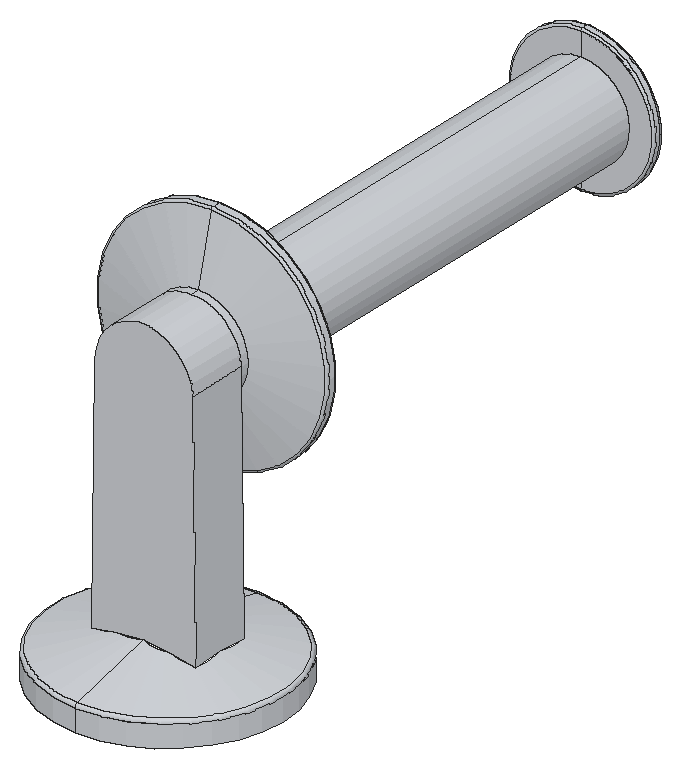
Revit family "Accessory-Tissue_Holder-KOHLER-Components-K-78383", category Specialty Equipment, host Face, Revit 2015
Parameters (values of type "CP-Polished Chrome")
  Width = 2 3/8"  # constant formula
  URL = "https://www.us.kohler.com/us/"
  Type = 1
  Product Page URL = "http://www.us.kohler.com/us/catalog/productDetails.jsp?productNumber=78383"
  Product Name = "Components"  # constant formula
  Product Documentation Link = "http://www.us.kohler.com/onlinecatalog/pdf/K-78383_spec.pdf"
  Model = if(Type = 1, "K-78383-CP", if(Type = 2, "K-78383-BN", if(Type = 3, "K-78383-BL", if(Type = 4, "K-78383-TT", "NA"))))  # "K-78383-CP"
  Material = "Premium Metal Construction"  # constant formula
  MasterFormat 2004 = "10.28.13"  # constant formula
  MasterFormat 1995 = "10820"  # constant formula
  Manufacturer Address = "444 Highland Dr, Kohler, WI 53044"  # constant formula
  Manufacturer = "KOHLER Co."  # constant formula
  Length = 4 1/16"  # constant formula
  Height = 5 1/2"  # constant formula
  Finish = Kohler-Metal-CP-Polished_Chrome
  Environmental Product Declaration = ""
  Description = "Vertical Toilet Tissue Holder"  # constant formula
  Default Elevation = 42"
  Declare Label = ""
  Date Modified = "07/12/2018"  # constant formula
  Date Created = "07/12/2018"  # constant formula
  Copyright = "Copyright KOHLER Co."  # constant formula
  Contact Us = "https://www.us.kohler.com/us/static/contact.jsp"
  Assembly Code = "C1030200"
  ADA Compliant = 1 = 0  # no
Types (4): name | Type | Model | Finish
  (no name) | 1 | "K-78383-CP" | Kohler-Metal-CP-Polished_Chrome
  CP-Polished Chrome | 1 | "K-78383-CP" | Kohler-Metal-CP-Polished_Chrome
  BL-Matte Black | 3 | "K-78383-BL" | Kohler-Metal-BL-Matte_Black
  TT-Titanium | 4 | "K-78383-TT" | Kohler-Metal-TT-Vibrant_Titanium
Reference planes (in)
  plane 1 "Center (Front/Back)": y = 0
  plane 2: z = 0
  plane 3 "Center (Left/Right)": x = 0
  plane 4: z = 4.0625
  plane 5: x = 1.1875
  plane 6: x = -1.1875
  plane 7: y = 5.5
Dimensions and locks (in)
  "Length": plane 4 to level
  "Width": plane 5 to plane 6
  equal spacing: plane 6, plane 3 "Center (Left/Right)", plane 5
  "Height": plane 7 to plane 1 "Center (Front/Back)"
  aligned and locked: plane 2 to host face
  aligned and locked: level to host face
Automatic sketch dimensions
  host sketch curve to host sketch curve = 96"  (x2)
Nested families (in)
  nested 1: "K-78383" at (0, 4, 0) x (0, 1, 0) z (0, 0, 1), type "K-78383"
Definition of nested family "K-78383"
  Parameters (values of type "K-78383")
    Material = none
    Length = 8"
  Reference planes (in)
    plane 1 "Center (Front/Back)": y = 0
    plane 2: z = 0
    plane 3 "Center (Left/Right)": x = 0
    plane 4: x = -4
    plane 5: y = 1.1875
    plane 6: z = 3.375
    plane 7: y = -1.1875
    plane 8: x = -3
    plane 9: z = 4.0625
    plane 10: z = 4.0625
    plane 11: x = 1.5
  Forms (in)
    Revolve 1, solid, material <- "Material", detail levels medium+fine
      sketch origin (0, 0, 0) x (1, 0, 0) y (0, 0, 1)
        loop
          line (-5.1875, 0) -> (-4, 0) -> (-4, 0.54137) -> (-5.15723, 0.26168)
          arc (-5.15723, 0.26168) -> (-5.17902, 0.24769) -> (-5.1875, 0.22322) r 0.03957
          line (-5.1875, 0.22322) -> (-5.1875, 0)
        axis (-4, 0.54137) -> (-4, 0)
      angle from 0 to 360
    Extrusion 2, solid, material <- "Material", detail levels medium+fine
      sketch origin (0, 0, 0) x (0, 1, 0) y (0, 0, -1)
        loop
          line (0.53038, -0.31966) -> (-0.53038, -0.31966) -> (-0.49996, -2.88094)
          arc (-0.49996, -2.88094) -> (0, -3.375) -> (0.49996, -2.88094) r 0.5
          line (0.49996, -2.88094) -> (0.53038, -0.31966)
      from 3.69094 to 4.30906
    Extrusion 3, solid, material <- "Material", detail levels coarse
      sketch origin (0, 0, 0) x (1, 0, 0) y (0, 1, 0)
        loop
          circle (-4, 0) r 1.1875
      from 0 to 0.44658
    Revolve 4, solid, material <- "Material", detail levels medium+fine
      sketch origin (0, 0, 0) x (1, 0, 0) y (0, 0, 1)
        loop
          line (1.46291, 2.87509) -> (1.46291, 3.37509) -> (1.40769, 3.60512)
          arc (1.40769, 3.60512) -> (1.39926, 3.61829) -> (1.38447, 3.62342) r 0.02388
          line (1.38447, 3.62342) -> (1.32639, 3.62342)
          arc (1.32639, 3.62342) -> (1.31157, 3.61728) -> (1.30543, 3.60247) r 0.02095
          line (1.30543, 3.60247) -> (1.30543, 3.36721) -> (-3.31779, 3.36721) -> (-3.31779, 4.04227)
          arc (-3.31779, 4.04227) -> (-3.32372, 4.05657) -> (-3.33802, 4.0625) r 0.02023
          line (-3.33802, 4.0625) -> (-3.41228, 4.0625)
          arc (-3.41228, 4.0625) -> (-3.42673, 4.0575) -> (-3.435, 4.04463) r 0.02338
          line (-3.435, 4.04463) -> (-3.59732, 3.375) -> (-3.69094, 3.375) -> (-3.69094, 2.87509) -> (1.46291, 2.87509)
        axis (-3.69094, 2.87509) -> (1.46291, 2.87509)
      angle from 0 to 360
    Revolve 5, solid, material <- "Material", detail levels coarse
      sketch origin (0, 0, 0) x (1, 0, 0) y (0, 0, 1)
        loop
          line (1.46291, 2.87509) -> (1.46291, 3.62342) -> (1.30543, 3.62342) -> (1.30543, 3.36721) -> (-3.31779, 3.36721) -> (-3.31779, 4.0625) -> (-3.59732, 4.0625) -> (-3.59732, 3.375) -> (-3.69094, 3.375) -> (-3.69094, 2.87509) -> (1.46291, 2.87509)
        axis (-3.69094, 2.87509) -> (1.46291, 2.87509)
      angle from 0 to 360
    Extrusion 6, solid, material <- "Material", detail levels coarse
      sketch origin (0, 0, 0) x (0, 1, 0) y (0, 0, 1)
        loop
          line (0.53038, 0.31966) -> (0.4941, 3.375) -> (-0.4941, 3.375) -> (-0.53038, 0.31966) -> (0.53038, 0.31966)
      from -4.30906 to -3.69094
  Cuts and joins
    joined: Revolve 1, Extrusion 2, Revolve 4
    joined: Extrusion 3, Revolve 5, Extrusion 6
  Lines and regions (in)
    Masking region 1
      outline origin (0, 0, 0) x (0, 1, 0) y (0, 0, 1)
        loop
          line (0.52873, 0.41382) -> (0.51278, 1.80392)
          arc (0.51278, 1.80392) -> (0, 4.0625) -> (-0.51278, 1.80392) r 1.1875
          line (-0.51278, 1.80392) -> (-0.52873, 0.41382) -> (-1.15899, 0.26168)
          arc (-1.15899, 0.26168) -> (-1.17952, 0.24851) -> (-1.1875, 0.22546) r 0.03726
          line (-1.1875, 0.22546) -> (-1.1875, 0) -> (1.1875, 0) -> (1.1875, 0.22546)
          arc (1.1875, 0.22546) -> (1.17952, 0.24851) -> (1.15899, 0.26168) r 0.03726
          line (1.15899, 0.26168) -> (0.52873, 0.41382)
    Masking region 2
      outline origin (0, 0, 0) x (1, 0, 0) y (0, 0, 1)
        loop
          line (-5.1875, 0) -> (-2.8125, 0) -> (-2.8125, 0.22322)
          arc (-2.8125, 0.22322) -> (-2.82098, 0.24769) -> (-2.84277, 0.26168) r 0.03957
          line (-2.84277, 0.26168) -> (-3.69094, 0.46667) -> (-3.69094, 2.37469) -> (-3.59732, 2.37469) -> (-3.435, 1.70506)
          arc (-3.435, 1.70506) -> (-3.42673, 1.69219) -> (-3.41228, 1.68719) r 0.02338
          line (-3.41228, 1.68719) -> (-3.33802, 1.68719)
          arc (-3.33802, 1.68719) -> (-3.32372, 1.69312) -> (-3.31779, 1.70742) r 0.02023
          line (-3.31779, 1.70742) -> (-3.31779, 2.38248) -> (1.34252, 2.38248) -> (1.34252, 2.14722)
          arc (1.34252, 2.14722) -> (1.34866, 2.13241) -> (1.36347, 2.12627) r 0.02095
          line (1.36347, 2.12627) -> (1.42156, 2.12627)
          arc (1.42156, 2.12627) -> (1.43634, 2.1314) -> (1.44478, 2.14457) r 0.02388
          line (1.44478, 2.14457) -> (1.5, 2.3746) -> (1.5, 3.37509) -> (1.44478, 3.60512)
          arc (1.44478, 3.60512) -> (1.43634, 3.61829) -> (1.42156, 3.62342) r 0.02388
          line (1.42156, 3.62342) -> (1.36347, 3.62342)
          arc (1.36347, 3.62342) -> (1.34866, 3.61728) -> (1.34252, 3.60247) r 0.02095
          line (1.34252, 3.60247) -> (1.34252, 3.36721) -> (-3.31779, 3.36721) -> (-3.31779, 4.04227)
          arc (-3.31779, 4.04227) -> (-3.32372, 4.05657) -> (-3.33802, 4.0625) r 0.02023
          line (-3.33802, 4.0625) -> (-3.41228, 4.0625)
          arc (-3.41228, 4.0625) -> (-3.42673, 4.0575) -> (-3.435, 4.04463) r 0.02338
          line (-3.435, 4.04463) -> (-3.59732, 3.375) -> (-4.30906, 3.375) -> (-4.30906, 0.46667) -> (-5.15723, 0.26168)
          arc (-5.15723, 0.26168) -> (-5.17902, 0.24769) -> (-5.1875, 0.22322) r 0.03957
          line (-5.1875, 0.22322) -> (-5.1875, 0)
    Masking region 3
      outline origin (0, 0, 0) x (1, 0, 0) y (0, 1, 0)
        loop
          line (-3.31779, 0.97198) -> (-3.31779, 1.16718)
          arc (-3.31779, 1.16718) -> (-3.32372, 1.18149) -> (-3.33802, 1.18741) r 0.02023
          line (-3.33802, 1.18741) -> (-3.41228, 1.18741)
          arc (-3.41228, 1.18741) -> (-3.42673, 1.18241) -> (-3.435, 1.16954) r 0.02338
          line (-3.435, 1.16954) -> (-3.4619, 1.05858)
          arc (-3.4619, 1.05858) -> (-5.1875, 0) -> (-3.4619, -1.05858) r 1.1875
          line (-3.4619, -1.05858) -> (-3.435, -1.16954)
          arc (-3.435, -1.16954) -> (-3.42673, -1.18241) -> (-3.41228, -1.18741) r 0.02338
          line (-3.41228, -1.18741) -> (-3.33802, -1.18741)
          arc (-3.33802, -1.18741) -> (-3.32372, -1.18149) -> (-3.31779, -1.16718) r 0.02023
          line (-3.31779, -1.16718) -> (-3.31779, -0.97198)
          arc (-3.31779, -0.97198) -> (-3.08646, -0.75869) -> (-2.91927, -0.49213) r 1.1875
          line (-2.91927, -0.49213) -> (1.34252, -0.49213) -> (1.34252, -0.72738)
          arc (1.34252, -0.72738) -> (1.34866, -0.7422) -> (1.36347, -0.74833) r 0.02095
          line (1.36347, -0.74833) -> (1.42156, -0.74833)
          arc (1.42156, -0.74833) -> (1.43634, -0.74321) -> (1.44478, -0.73003) r 0.02388
          line (1.44478, -0.73003) -> (1.5, -0.5) -> (1.5, 0.5) -> (1.44478, 0.73003)
          arc (1.44478, 0.73003) -> (1.43634, 0.74321) -> (1.42156, 0.74833) r 0.02388
          line (1.42156, 0.74833) -> (1.36347, 0.74833)
          arc (1.36347, 0.74833) -> (1.34866, 0.7422) -> (1.34252, 0.72738) r 0.02095
          line (1.34252, 0.72738) -> (1.34252, 0.49213) -> (-2.91927, 0.49213)
          arc (-2.91927, 0.49213) -> (-3.08646, 0.75869) -> (-3.31779, 0.97198) r 1.1875
    symbolic lines, detail levels medium+fine
      curve 1: arc (0, 0, 0.46667) -> (0, 0.26632, 0.44279) -> (0, 0.52909, 0.39328) r 2.76424
      curve 2: line (0, 0.52909, 0.39328) -> (0, 0.5284, 0.43278)
      curve 3: line (0, -0.52909, 0.39328) -> (0, -0.5284, 0.43278)
      curve 4: arc (0, -0.52909, 0.39328) -> (0, -0.26632, 0.44279) -> (0, 0, 0.46667) r 2.76424
      curve 5: line (-4.30906, 0, 0.46667) -> (-3.69094, 0, 0.46667)
      curve 6: line (-4.30906, 0.49991, 0) -> (-4.30906, -0.49991, 0)
      curve 7: line (-3.59732, 0, 2.37517) -> (-3.59732, 0, 3.375)
      curve 8: line (-3.31779, 0, 3.36721) -> (-3.31779, 0, 2.38296)
      curve 9: line (1.30543, 0, 3.36721) -> (1.30543, 0, 2.38248)
      curve 10: line (-3.69094, 0, 2.37517) -> (-3.69094, 0, 2.88094)
      curve 11: circle (0, 0, 2.875) r 1.1875 normal (1, 0, 0)
      curve 12: circle (0, 0, 2.875) r 0.75 normal (1, 0, 0)
      curve 13: circle (0, 0, 2.875) r 0.49997 normal (1, 0, 0)
      curve 14: line (-3.59732, 0.49991, 0) -> (-3.435, 1.16954, 0)
      curve 15: line (-3.41228, 1.18741, 0) -> (-3.33802, 1.18741, 0)
      curve 16: line (-3.31779, 1.16718, 0) -> (-3.31779, 0.49213, 0)
      curve 17: line (1.30543, 0.49213, 0) -> (-3.31779, 0.49213, 0)
      curve 18: line (-3.59732, 0.49991, 0) -> (-4.30906, 0.49991, 0)
      curve 19: arc (-3.435, 1.16954, 0) -> (-3.42673, 1.18241, 0) -> (-3.41228, 1.18741, 0) r 0.02338
      curve 20: arc (-3.33802, 1.18741, 0) -> (-3.32372, 1.18149, 0) -> (-3.31779, 1.16718, 0) r 0.02023
      curve 21: line (-3.59732, -0.49991, 0) -> (-3.435, -1.16954, 0)
      curve 22: line (-3.41228, -1.18741, 0) -> (-3.33802, -1.18741, 0)
      curve 23: line (-3.31779, -1.16718, 0) -> (-3.31779, -0.49213, 0)
      curve 24: line (1.30543, -0.49213, 0) -> (-3.31779, -0.49213, 0)
      curve 25: arc (-3.435, -1.16954, 0) -> (-3.42673, -1.18241, 0) -> (-3.41228, -1.18741, 0) r 0.02338
      curve 26: arc (-3.33802, -1.18741, 0) -> (-3.32372, -1.18149, 0) -> (-3.31779, -1.16718, 0) r 0.02023
      curve 27: line (-3.59732, -0.49991, 0) -> (-4.30906, -0.49991, 0)
      curve 28: line (-3.59732, 0.49991, 0) -> (-3.59732, -0.49991, 0)
      curve 29: line (-3.31779, 0.49213, 0) -> (-3.31779, -0.49213, 0)
      curve 30: line (1.34252, 0.49213, 0) -> (1.34252, -0.49213, 0)
  Dimensions and locks (in)
    locked: Revolve 1 sketch curve to plane 4 at 1.1875
    plane 6 to level = 3 3/8"
    equal spacing: Masking region 2 sketch curve, plane 4, Masking region 2 sketch curve
    locked: Masking region 2 sketch curve to Masking region 2 sketch curve at 2.375
    plane 10 to level = 4 1/16"
    plane 4 to plane 11 = 5 1/2"
    Masking region 1 sketch curve to plane 2 = 2 7/8"
    aligned and locked: plane 2 to level
    aligned and locked: Extrusion 3 sketch curve to Masking region 3
